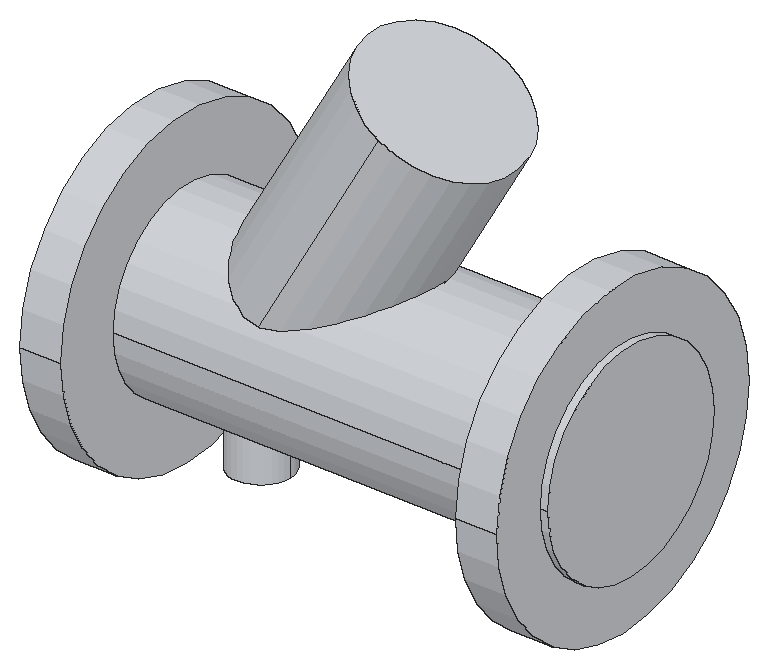
Revit family "HS 821-síto_jemné-PN40-DN065-RFA_2019", category Pipe Accessories, Revit 2019
Family settings
  Round Connector Dimension = Use Diameter
  Part Type = Breaks Into
  Work Plane-Based = No
  Always vertical = Yes
  Cut with Voids When Loaded = No
  Shared = No
Parameters (values of type "821F-DN065-PN40-síto_jemné")
  magiProductId = "dc9821e3f9b34e128f6a8c6b34c198"
  magiProductFamilyId = "79214ac3aaa945e397802f559f5c1e"
  magiPartTypeId = 307
  isMeasuringValve [instance] = no
  ang2D [instance] = 0.00°
  ZB__ve = -ZB  # -29.75 mm
  ZB1 = 49.41 mm
  ZB = 29.75 mm
  X2 = 86.927 mm
  X1 = 40.6 mm
  W2D = 15 mm
  VersionID = "2.0/2017.9.26.1/ZETKAMA_821_001"
  Use Minimum Symbol Size [instance] = yes
  URL = "www.hydronic.cz"
  Type Comments = "Filtr přírubový; síto jemné; A-PN16 (-10~300°C); D-PN25 (-10~350°C); F-PN40 (-10~400°C)"
  S = 122 mm
  QmdConnectorList = "301;D;302;D"
  Productdata [instance] = ""
  Manufacturer = "Hydronic Systems Prague s.r.o."
  MC Product Code = "250 665 (821F; DN065; PN40; kvs95,1; oko síta 0,63mm)"
  LM1 = 23.2 mm
  LM = 232 mm
  L4 = 72.5 mm
  L2D_Min = 3048 mm
  L2D = 130 mm
  L2 = 145 mm
  HH2 = 150.562 mm
  FD = 185 mm
  Description = "Filtr přírubový; síto jemné; 821A-PN16; 821D-PN25; 821F-PN40"
  DM1 = 94.2 mm
  DM = 109.8 mm
  D = 65 mm
  CC = 4.93 mm
  CAT0 = yes
  C1 = 24.07 mm
  C = 29 mm
  BD = 34.587 mm
Types (40, lengths in mm): name | magiProductId | ZB__ve | ZB1 | ZB | X2 | X1 | S | MC Product Code | LM1 | LM | L4 | L2 | HH2 | FD | DM1 | DM | D | CC | C1 | C | BD
  821A-DN015-PN16-síto_jemné | "a71bcfe8b393460598b23e8ddf7dc5" | -16.25 | 18.63 | 16.25 | 46.982 | 18.2 | 46 | "210 115 (821A; DN015; PN16; kvs6,2; oko síta 0,63mm)" | 10.4 | 104 | 32.5 | 65 | 81.375 | 95 | 27.6 | 41.4 | 15 | 2.21 | 10.79 | 13 | 13.041
  821A-DN020-PN16-síto_jemné | "41cd6c7a12924f4991217528336076" | -17.75 | 22.68 | 17.75 | 51.673 | 21 | 56 | "210 120 (821A; DN020; PN16; kvs9,6; oko síta 0,63mm)" | 12 | 120 | 37.5 | 75 | 89.5 | 105 | 33.6 | 50.4 | 20 | 2.55 | 12.45 | 15 | 15.876
  821A-DN025-PN16-síto_jemné | "be378b463ed14c3abf4c9b3ae8cf3a" | -19.25 | 26.325 | 19.25 | 58.601 | 22.4 | 65 | "210 125 (821A; DN025; PN16; kvs14,2; oko síta 0,63mm)" | 12.8 | 128 | 40 | 80 | 101.5 | 115 | 43.2 | 58.5 | 25 | 2.72 | 13.28 | 16 | 18.427
  821A-DN032-PN16-síto_jemné | "227a0d18b21540afabe8b6067d35fa" | -23 | 30.78 | 23 | 68.849 | 25.2 | 76 | "210 132 (821A; DN032; PN16; kvs23,1; oko síta 0,63mm)" | 14.4 | 144 | 45 | 90 | 119.25 | 140 | 50.4 | 68.4 | 32 | 3.06 | 14.94 | 18 | 21.546
  821A-DN040-PN16-síto_jemné | "d106917c74724141a10440112d0102" | -24.5 | 34.02 | 24.5 | 75.777 | 28 | 84 | "210 140 (821A; DN040; PN16; kvs36,6; oko síta 0,63mm)" | 16 | 160 | 50 | 100 | 131.25 | 150 | 60 | 75.6 | 40 | 3.4 | 16.6 | 20 | 23.814
  821A-DN050-PN16-síto_jemné | "8255d456a09e4f6486734f5dd9171b" | -26.75 | 40.095 | 26.75 | 79.061 | 32.2 | 99 | "210 150 (821A; DN050 PN16; kvs53,7; oko síta 0,63mm)" | 18.4 | 184 | 57.5 | 115 | 136.938 | 165 | 73.8 | 89.1 | 50 | 3.91 | 19.09 | 23 | 28.066
  821A-DN065-PN16-síto_jemné | "235b1b3e4c0843779a4d5e3716d40a" | -29.75 | 47.79 | 29.75 | 86.927 | 40.6 | 118 | "210 165 (821A; DN065; PN16; kvs95,1; oko síta 0,63mm)" | 23.2 | 232 | 72.5 | 145 | 150.562 | 185 | 94.2 | 106.2 | 65 | 4.93 | 24.07 | 29 | 33.453
  821A-DN080-PN16-síto_jemné | "a067f7c5236348ed8c820d16df7214" | -32 | 53.46 | 32 | 104.753 | 43.4 | 132 | "210 180 (821A; DN080; PN16; kvs137,1; oko síta 0,63mm)" | 24.8 | 248 | 77.5 | 155 | 181.438 | 200 | 107.4 | 118.8 | 80 | 5.27 | 25.73 | 31 | 37.422
  821A-DN100-PN16-síto_jemné | "c49a648c2747461285837d643703cd" | -35 | 63.18 | 35 | 114.857 | 49 | 156 | "210 190 (821A; DN100; PN16; kvs206,4; oko síta 0,63mm)" | 28 | 280 | 87.5 | 175 | 198.937 | 220 | 131.4 | 140.4 | 100 | 5.95 | 29.05 | 35 | 44.226
  821A-DN125-PN16-síto_jemné | "bf68e728a163493cbd2a663b26ebdc" | -39.5 | 74.52 | 39.5 | 131.888 | 56 | 184 | "210 191 (821A; DN125; PN16; kvs268,8; oko síta 0,63mm)" | 32 | 320 | 100 | 200 | 228.438 | 250 | 165 | 165.6 | 125 | 6.8 | 33.2 | 40 | 52.164
  821A-DN150-PN16-síto_jemné | "2de770284b654863ae6bc865769dc5" | -44.75 | 85.455 | 44.75 | 155.885 | 67.2 | 211 | "210 192 (821A; DN150; PN16; kvs401,4; oko síta 0,63mm)" | 38.4 | 384 | 120 | 240 | 270 | 285 | 192 | 189.9 | 150 | 8.16 | 39.84 | 48 | 59.818
  821A-DN200-PN16-síto_jemné | "8e5693371ab64aabb29a7f08c76e15" | -53 | 107.73 | 53 | 188.361 | 84 | 266 | "210 193 (821A; DN200; PN16; kvs706,7; oko síta 0,63mm)" | 48 | 480 | 150 | 300 | 326.25 | 340 | 252 | 239.4 | 200 | 10.2 | 49.8 | 60 | 75.411
  821A-DN250-PN16-síto_jemné | "05e37ed948c34047acdd4c42556504" | -62.75 | 129.195 | 62.75 | 255.911 | 102.2 | 319 | "210 194 (821A; DN250; PN16; kvs1229,4; oko síta 0,63mm)" | 58.4 | 584 | 182.5 | 365 | 443.25 | 405 | 309.6 | 287.1 | 250 | 12.41 | 60.59 | 73 | 90.436
  821A-DN300-PN16-síto_jemné | "9ad0af747269428da925480d83ce80" | -71 | 149.85 | 71 | 325.914 | 119 | 370 | "210 195 (821A; DN300; PN16; kvs1902,4; oko síta 0,63mm)" | 68 | 680 | 212.5 | 425 | 564.5 | 460 | 369.6 | 333 | 300 | 14.45 | 70.55 | 85 | 104.895
  821A-DN350-PN16-síto_jemné | "eebc71459bb3451bb4355e7951370a" | -80 | 173.745 | 80 | 356.875 | 137.2 | 429 | "200 196 (821A; DN350; PN16; kvs2611,0; oko síta 0,63mm)" | 78.4 | 784 | 245 | 490 | 618.125 | 520 | 438 | 386.1 | 350 | 16.66 | 81.34 | 98 | 121.621
  821A-DN400-PN16-síto_jemné | "d2f677cb196647e385b2590e7d8abe" | -89 | 194.4 | 89 | 392.237 | 154 | 480 | "210 197 (821A; DN400; PN16; kvs3438,4; oko síta 0,63mm)" | 88 | 880 | 275 | 550 | 679.375 | 580 | 498 | 432 | 400 | 18.7 | 91.3 | 110 | 136.08
  821D-DN015-PN25-síto_jemné | "27ddcbf555414f8ca1fde329bf9087" | -16.25 | 18.63 | 16.25 | 46.982 | 18.2 | 46 | "210 215 (821D; DN015; PN25; kvs6,2; oko síta 0,63mm)" | 10.4 | 104 | 32.5 | 65 | 81.375 | 95 | 27.6 | 41.4 | 15 | 2.21 | 10.79 | 13 | 13.041
  821D-DN020-PN25-síto_jemné | "270e0f14012f47189cd0235c18faee" | -17.75 | 22.68 | 17.75 | 51.673 | 21 | 56 | "210 220 (821D; DN020; PN25; kvs9,6; oko síta 0,63mm)" | 12 | 120 | 37.5 | 75 | 89.5 | 105 | 33.6 | 50.4 | 20 | 2.55 | 12.45 | 15 | 15.876
  821D-DN025-PN25-síto_jemné | "b9a7fb4aa36643878c637d8e1ab992" | -19.25 | 26.325 | 19.25 | 58.601 | 22.4 | 65 | "210 225 (821D; DN025; PN25; kvs14,2; oko síta 0,63mm)" | 12.8 | 128 | 40 | 80 | 101.5 | 115 | 43.2 | 58.5 | 25 | 2.72 | 13.28 | 16 | 18.427
  821D-DN032-PN25-síto_jemné | "6be9a55c4e68400f94eec7e804204c" | -23 | 30.78 | 23 | 68.849 | 25.2 | 76 | "210 232 (821D; DN032; PN25; kvs23,1; oko síta 0,63mm)" | 14.4 | 144 | 45 | 90 | 119.25 | 140 | 50.4 | 68.4 | 32 | 3.06 | 14.94 | 18 | 21.546
  821D-DN040-PN25-síto_jemné | "c54511bd7f584ec2984291479612cb" | -24.5 | 34.02 | 24.5 | 75.777 | 28 | 84 | "210 240 (821D; DN040; PN25; kvs36,6; oko síta 0,63mm)" | 16 | 160 | 50 | 100 | 131.25 | 150 | 60 | 75.6 | 40 | 3.4 | 16.6 | 20 | 23.814
  821D-DN050-PN25-síto_jemné | "5483b1f596b04cd39b23a14a22c90e" | -26.75 | 40.095 | 26.75 | 79.061 | 32.2 | 99 | "210 250 (821D; DN050; PN25; kvs53,7; oko síta 0,63mm)" | 18.4 | 184 | 57.5 | 115 | 136.938 | 165 | 73.8 | 89.1 | 50 | 3.91 | 19.09 | 23 | 28.066
  821D-DN065-PN25-síto_jemné | "767b0f8318e94750bc7a9930ed5b30" | -29.75 | 47.79 | 29.75 | 86.927 | 40.6 | 118 | "210 265 (821D; DN065; PN25; kvs95,1; oko síta 0,63mm)" | 23.2 | 232 | 72.5 | 145 | 150.562 | 185 | 94.2 | 106.2 | 65 | 4.93 | 24.07 | 29 | 33.453
  821D-DN080-PN25-síto_jemné | "e21040fa3cc2404b858198f6b73709" | -32 | 53.46 | 32 | 104.753 | 43.4 | 132 | "210 280 (821D; DN080; PN25; kvs137,1; oko síta 0,63mm)" | 24.8 | 248 | 77.5 | 155 | 181.438 | 200 | 107.4 | 118.8 | 80 | 5.27 | 25.73 | 31 | 37.422
  821D-DN100-PN25-síto_jemné | "175ca87a506b40b3bc6b82f12f33cf" | -37.25 | 63.18 | 37.25 | 114.857 | 49 | 156 | "210 290 (821D; DN100; PN25; kvs206,4; oko síta 0,63mm)" | 28 | 280 | 87.5 | 175 | 198.937 | 235 | 131.4 | 140.4 | 100 | 5.95 | 29.05 | 35 | 44.226
  821D-DN125-PN25-síto_jemné | "77cc98d60da24855999a22dff726b2" | -42.5 | 74.52 | 42.5 | 131.888 | 56 | 184 | "210 291 (821D; DN125; PN25; kvs268,8; oko síta 0,63mm)" | 32 | 320 | 100 | 200 | 228.438 | 270 | 165 | 165.6 | 125 | 6.8 | 33.2 | 40 | 52.164
  821D-DN150-PN25-síto_jemné | "9cf8acfcd15547d68e83172d3abcbe" | -47 | 85.455 | 47 | 155.885 | 67.2 | 211 | "210 292 (821D; DN150; PN25; kvs401,4; oko síta 0,63mm)" | 38.4 | 384 | 120 | 240 | 270 | 300 | 192 | 189.9 | 150 | 8.16 | 39.84 | 48 | 59.818
  821D-DN200-PN25-síto_jemné | "16973f3c9ea14389ba8602495a6b64" | -56 | 110.97 | 56 | 188.361 | 84 | 274 | "210 293 (821D; DN200; PN25; kvs706,7; oko síta 0,63mm)" | 48 | 480 | 150 | 300 | 326.25 | 360 | 252 | 246.6 | 200 | 10.2 | 49.8 | 60 | 77.679
  821F-DN015-PN40-síto_jemné | "4c7eaf3c4c0340888b3e684d8a8616" | -16.25 | 18.225 | 16.25 | 46.982 | 18.2 | 45 | "250 615 (821F; DN015; PN40; kvs6,2; oko síta 0,63mm)" | 10.4 | 104 | 32.5 | 65 | 81.375 | 95 | 27.6 | 40.5 | 15 | 2.21 | 10.79 | 13 | 12.757
  821F-DN020-PN40-síto_jemné | "aaac5f1ec96b44d6ba96ac2293d66d" | -17.75 | 23.49 | 17.75 | 51.673 | 21 | 58 | "250 620 (821F; DN020; PN40; kvs9,6; oko síta 0,63mm)" | 12 | 120 | 37.5 | 75 | 89.5 | 105 | 33.6 | 52.2 | 20 | 2.55 | 12.45 | 15 | 16.443
  821F-DN025-PN40-síto_jemné | "504768023968471481789485b54c7e" | -19.25 | 27.54 | 19.25 | 58.601 | 22.4 | 68 | "250 625 (821F; DN025; PN40; kvs14,2; oko síta 0,63mm)" | 12.8 | 128 | 40 | 80 | 101.5 | 115 | 43.2 | 61.2 | 25 | 2.72 | 13.28 | 16 | 19.278
  821F-DN032-PN40-síto_jemné | "165e7f39cf744f329bdf1c400dad12" | -23 | 31.59 | 23 | 68.849 | 25.2 | 78 | "250 632 (821F; DN032; PN40; kvs23,1; oko síta 0,63mm)" | 14.4 | 144 | 45 | 90 | 119.25 | 140 | 50.4 | 70.2 | 32 | 3.06 | 14.94 | 18 | 22.113
  821F-DN040-PN40-síto_jemné | "b8903f952089408fbf3a5a632bab1f" | -24.5 | 35.64 | 24.5 | 75.777 | 28 | 88 | "250 640 (821F; DN040; PN40; kvs36,6; oko síta 0,63mm)" | 16 | 160 | 50 | 100 | 131.25 | 150 | 60 | 79.2 | 40 | 3.4 | 16.6 | 20 | 24.948
  821F-DN050-PN40-síto_jemné | "c451f97266fe48da8f879cb6a2bd44" | -26.75 | 41.31 | 26.75 | 79.061 | 32.2 | 102 | "250 650 (821F; DN050; PN40; kvs53,7; oko síta 0,63mm)" | 18.4 | 184 | 57.5 | 115 | 136.938 | 165 | 73.8 | 91.8 | 50 | 3.91 | 19.09 | 23 | 28.917
  821F-DN065-PN40-síto_jemné | "dc9821e3f9b34e128f6a8c6b34c198" | -29.75 | 49.41 | 29.75 | 86.927 | 40.6 | 122 | "250 665 (821F; DN065; PN40; kvs95,1; oko síta 0,63mm)" | 23.2 | 232 | 72.5 | 145 | 150.562 | 185 | 94.2 | 109.8 | 65 | 4.93 | 24.07 | 29 | 34.587
  821F-DN080-PN40-síto_jemné | "689aa1e260f84cf4994f027a1d86b5" | -32 | 55.89 | 32 | 104.753 | 43.4 | 138 | "250 680 (821F; DN080; PN40; kvs137,1; oko síta 0,63mm)" | 24.8 | 248 | 77.5 | 155 | 181.438 | 200 | 107.4 | 124.2 | 80 | 5.27 | 25.73 | 31 | 39.123
  821F-DN100-PN40-síto_jemné | "8a45d4e8e2ab425f8c432f21d684f3" | -37.25 | 65.61 | 37.25 | 114.857 | 49 | 162 | "250 690 (821F; DN100; PN40; kvs206,4; oko síta 0,63mm)" | 28 | 280 | 87.5 | 175 | 198.937 | 235 | 131.4 | 145.8 | 100 | 5.95 | 29.05 | 35 | 45.927
  821F-DN125-PN40-síto_jemné | "cf073904c006406b8645afa67ea2fc" | -42.5 | 76.14 | 42.5 | 131.888 | 56 | 188 | "250 691 (821F; DN125; PN40; kvs268,8; oko síta 0,63mm)" | 32 | 320 | 100 | 200 | 228.438 | 270 | 165 | 169.2 | 125 | 6.8 | 33.2 | 40 | 53.298
  821F-DN150-PN40-síto_jemné | "0153b9ddabe14992a630484929fdbc" | -47 | 88.29 | 47 | 155.885 | 67.2 | 218 | "250 692 (821F; DN150; PN40; kvs401,4; oko síta 0,63mm)" | 38.4 | 384 | 120 | 240 | 270 | 300 | 192 | 196.2 | 150 | 8.16 | 39.84 | 48 | 61.803
  821F-DN200-PN40-síto_jemné | "7fb3fc01dd8d42428c203e3f8dd4d5" | -56 | 115.425 | 56 | 188.361 | 84 | 285 | "250 693 (821F; DN200; PN40; kvs706,7; oko síta 0,63mm)" | 48 | 480 | 150 | 300 | 326.25 | 360 | 252 | 256.5 | 200 | 10.2 | 49.8 | 60 | 80.797
Reference planes
  plane 1 "Center (Front/Back)": y = 0
  plane 2 "XYPLANE": z = 0
  plane 3 "Center (Left/Right)": x = 0
  plane 4 "109": x = -92.8
  plane 5 "108": x = 116
  plane 6 "107": x = -116
  plane 7 "105": x = 145
  plane 8 "104": x = -145
  plane 9 "103": y = 0
  plane 10 "102": z = 0
  plane 11 "101": x = -140.07
  plane 12 "100": x = 140.07
  plane 13 "11": x = -52.2
  plane 14 "10": z = 150.562
  plane 15 "9": x = 34.727
  plane 16 "5": z = -49.41
  plane 17 "4": x = -72.5
  plane 18 "1": x = 72.5
Forms (mm)
  Extrusion 1, solid, visible <- "CAT0"
    sketch origin (-116, -750, 0) x (0, 1, 0) y (0, 0, 1)
      loop
        circle (750, 0) r 54.9
    from 0 to 232 <- "LM"
  Extrusion 2, solid
    sketch origin (-145, -750, 0) x (0, 1, 0) y (0, 0, 1)
      loop
        circle (750, 0) r 61
    from 0 to 4.93 <- "CC"
  Extrusion 3, solid
    sketch origin (-140.07, -750, 0) x (0, 1, 0) y (0, 0, 1)
      loop
        circle (750, 0) r 92.5
    from 0 to 24.07 <- "C1"
  Extrusion 4, solid
    sketch origin (116, -750, 0) x (0, 1, 0) y (0, 0, 1)
      loop
        circle (750, 0) r 92.5
    from 0 to 24.07 <- "C1"
  Extrusion 5, solid
    sketch origin (140.07, -750, 0) x (0, 1, 0) y (0, 0, 1)
      loop
        circle (750, 0) r 61
    from 0 to 4.93 <- "CC"
  Sweep 6, solid, visible <- "CAT0"
    path origin (750, 0, 0) x (-1, 0, 0) y (0, 0, 1)
      loop
        line (866, 0) -> (802.2, 0) -> (715.273, 150.562)
    profile origin (-116, 0, 0) x (0, 0, -1) y (0, 1, 0)
      loop
        circle (0, 0) r 47.1
  Extrusion 7, solid, visible <- "CAT0"
    sketch origin (-750, 0, -49.41) x (1, 0, 0) y (0, 1, 0)
      loop
        circle (677.5, 0) r 17.293
    from 0 to -29.75 <- "ZB__ve"
  Extrusion 8, solid, visible <- "CAT0"
    sketch origin (-750, 0, -49.41) x (1, 0, 0) y (0, 1, 0)
      loop
        circle (822.5, 0) r 17.293
    from 0 to -29.75 <- "ZB__ve"
  Extrusion 9, solid, not visible
    sketch origin (145, -750, 0) x (0, 1, 0) y (0, 0, 1)
      loop
        circle (750, 0) r 10
    from 0 to -10
  Extrusion 10, solid, not visible
    sketch origin (-145, -750, 0) x (0, 1, 0) y (0, 0, 1)
      loop
        circle (750, 0) r 10
    from 0 to 10
Lines and regions (mm)
  reference lines, not visible
    curve 1: circle (2, 2, 0) r 1 normal (0, 0, 1)
Dimensions and locks
  plane 1 "Center (Front/Back)" to curve 1 = 2 mm
  "LM1": plane 6 "107" to plane 4 "109"
  "LM": plane 6 "107" to plane 5 "108"
  "C": plane 8 "104" to plane 6 "107"
  "L2": plane 3 "Center (Left/Right)" to plane 7 "105"
  "L2": plane 3 "Center (Left/Right)" to plane 8 "104"
  locked: plane 1 "Center (Front/Back)" to plane 9 "103"
  locked: plane 2 "XYPLANE" to plane 10 "102"
  "CC": plane 8 "104" to plane 11 "101"
  "C1": plane 5 "108" to plane 12 "100"
  "X1": plane 4 "109" to plane 13 "11"
  "HH2": plane 2 "XYPLANE" to plane 14 "10"
  "X2": plane 13 "11" to plane 15 "9"
  "ZB1": plane 2 "XYPLANE" to plane 16 "5"
  "L4": plane 8 "104" to plane 17 "4"
  "L2": plane 17 "4" to plane 18 "1"
  Sweep 6 sketch curve to Sweep 6 sketch curve = 0 mm  (x2)
  "DM": diameter of Extrusion 1 sketch curve
  "S": diameter of Extrusion 2 sketch curve
  "FD": diameter of Extrusion 3 sketch curve
  "FD": diameter of Extrusion 4 sketch curve
  "S": diameter of Extrusion 5 sketch curve
  "DM1": diameter of Sweep 6 sketch curve
  "BD": diameter of Extrusion 7 sketch curve
  "BD": diameter of Extrusion 8 sketch curve
  aligned and locked: level to plane 2 "XYPLANE"
  aligned and locked: Extrusion 1 sketch curve to plane 9 "103"
  aligned and locked: plane 10 "102" to Extrusion 1 sketch curve
  aligned and locked: Extrusion 2 sketch curve to plane 9 "103"
  aligned and locked: plane 10 "102" to Extrusion 2 sketch curve
  aligned and locked: Extrusion 3 sketch curve to plane 9 "103"
  aligned and locked: plane 10 "102" to Extrusion 3 sketch curve
  aligned and locked: Extrusion 4 sketch curve to plane 9 "103"
  aligned and locked: plane 10 "102" to Extrusion 4 sketch curve
  aligned and locked: Extrusion 5 sketch curve to plane 9 "103"
  aligned and locked: plane 10 "102" to Extrusion 5 sketch curve
  aligned and locked: Sweep 6 sketch curve to plane 9 "103"
  aligned and locked: plane 10 "102" to Sweep 6 sketch curve  (x3)
  aligned and locked: plane 6 "107" to Sweep 6 sketch curve
  aligned and locked: plane 13 "11" to Sweep 6 sketch curve
  aligned and locked: plane 14 "10" to Sweep 6 sketch curve
  aligned and locked: plane 15 "9" to Sweep 6 sketch curve
  aligned and locked: plane 9 "103" to Extrusion 7 sketch curve
  aligned and locked: plane 17 "4" to Extrusion 7 sketch curve
  aligned and locked: plane 9 "103" to Extrusion 8 sketch curve
  aligned and locked: plane 18 "1" to Extrusion 8 sketch curve
  aligned and locked: Extrusion 9 sketch curve to plane 9 "103"
  aligned and locked: plane 10 "102" to Extrusion 9 sketch curve
  aligned and locked: Extrusion 10 sketch curve to plane 9 "103"
  aligned and locked: plane 10 "102" to Extrusion 10 sketch curve
Automatic sketch dimensions
  plane 1 "Center (Front/Back)" to Extrusion 9 sketch curve = 10 mm
  plane 1 "Center (Front/Back)" to Extrusion 10 sketch curve = 10 mm
  plane 3 "Center (Left/Right)" to curve 1 = 2 mm
  radius of curve 1 = 1 mm
Connectors
  piping at (-145, 0, 0), diameter 65, driven by "D"
    settings: on Extrusion 10, index 1, connector inside diameter 609.6 mm, connector length 0 mm, flow factor 0, pipe flow 0.0 L/s, pressure drop 0.0 Pa, fitting loss kfactor 0, connector angle 0.00°, fixture units 0, engagement length 0 mm, angle of deflection 0.00°, flow configuration 0, flow direction 0, fitting loss method 0, system type 29, joint type 0, gender type 0, connector reference index 2, connector utility 0, adjustable connector no, is connector primary yes, connector description ""
  piping at (145, 0, 0), diameter 65, driven by "D"
    settings: on Extrusion 9, index 2, connector inside diameter 609.6 mm, connector length 0 mm, flow factor 0, pipe flow 0.0 L/s, pressure drop 0.0 Pa, fitting loss kfactor 0, connector angle 0.00°, fixture units 0, engagement length 0 mm, angle of deflection 0.00°, flow configuration 0, flow direction 0, fitting loss method 0, system type 29, joint type 0, gender type 0, connector reference index 1, connector utility 0, adjustable connector no, is connector primary no, connector description ""
